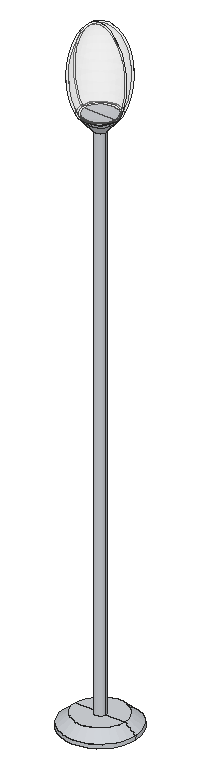
Revit family
Parameters (values of type "Height 1780")
  Wattage Comments = "23"
  Wattage = 9.2903 W
  built-in parameter 1150110 = 1 (stored number, unit not read)
  built-in parameter 1114217 = 1 (stored number, unit not read)
  built-in parameter 1150109 = 1 (stored number, unit not read)
  built-in parameter 1150134 = 3
  built-in parameter 1150113 = 1 (stored number, unit not read)
  Material = none
  Manufacturer = "Revit"
  built-in parameter 1150105 = 109.82 (stored number, unit not read)
  Lumens = 1380 lm
  built-in parameter 1150115 = 1 (stored number, unit not read)
  Light Source Symbol Size = 609.6 mm
  built-in parameter 1150137 = (empty or 0)
  built-in parameter 1150139 = (empty or 0)
  built-in parameter 1150112 = 1 (stored number, unit not read)
  built-in parameter 1150114 = 1 (stored number, unit not read)
  Lamp = "Halogen"
  Keynote = "V"
  built-in parameter 1150132 = 2
  built-in parameter 1150102 = (empty or 0)
  built-in parameter 1150107 = 3200 (stored number, unit not read)
  built-in parameter 1150138 = (empty or 0)
  built-in parameter 1150106 = 1.0982 (stored number, unit not read)
  Height = 1780 mm
  built-in parameter 1150104 = 13.8 (stored number, unit not read)
  Dimming Lamp Color Temperature Shift = (empty or 0)
  Description = "Floor Lamp"
  Color Filter = 16777215
  built-in parameter 1114218 = 1 (stored number, unit not read)
  built-in parameter 1150133 = 10 (stored number, unit not read)
  Assembly Code = "D5020220"
Types (4, lengths in mm): name | Height
  (no name) | 1780
  Height 1340 | 1340
  Height 1780 | 1780
  Height 1970 | 1970
Reference planes
  plane 1 "Light Source Axis (F/B)": y = 0
  plane 2: z = 0
  plane 3 "Light Source Axis (L/R)": x = 0
  plane 4 "Light Source Elevation": z = 1645
  plane 5: z = 1510
  plane 6: z = 1780
Forms (mm)
  Revolve 1, solid, material "Glass - White, Frosted"
    sketch origin (0, 0, 960) x (1, 0, 0) y (0, 0, 1)
      loop
        spline (0, 819.996) -> (-14.797, 817.413) -> (-29.028, 809.761) -> (-42.147, 797.334) -> (-53.654, 780.608) -> (-63.107, 760.223) -> (-70.145, 736.958) -> (-74.498, 711.704) -> (-76, 685.428) -> (-74.593, 659.136) -> (-70.331, 633.833) -> (-63.377, 610.489) -> (-53.998, 589.996)
        line (-53.998, 589.996) -> (-47.784, 589.996)
        spline (-47.784, 589.996) -> (-56.961, 609.434) -> (-63.886, 631.86) -> (-68.284, 656.387) -> (-69.982, 682.045) -> (-68.913, 707.821) -> (-65.118, 732.693) -> (-58.749, 755.68) -> (-50.056, 775.871) -> (-39.384, 792.468) -> (-27.154, 804.816) -> (-13.851, 812.426) -> (0, 814.996)
        line (0, 814.996) -> (0, 819.996)
      axis (0, 819.996) -> (0, 589.996)
    angle from 0 to 360
  Revolve 2, solid, material <- "Material"
    sketch origin (0, 0, 960) x (1, 0, 0) y (0, 0, 1)
      loop
        line (0, 589.996) -> (-42.852, 589.996) -> (-42.852, 583.636)
        arc (-42.852, 583.636) -> (-42.249, 580.216) -> (-40.513, 577.208) r 10
        line (-40.513, 577.208) -> (-17.683, 550) -> (-14.891, 550) -> (-14.891, -925) -> (-70, -925) -> (-100, -950) -> (-100, -960) -> (0, -960) -> (0, 589.996)
      axis (0, 589.996) -> (0, -960)
    angle from 0 to 360
Lines and regions (mm)
  symbolic lines
    curve 1: circle (0, 0, 0) r 100 normal (0, 0, 1)
    curve 2: circle (0, 0, 0) r 76 normal (0, 0, 1)
Dimensions and locks
  equal spacing: plane 6, plane 4 "Light Source Elevation", plane 5
  locked: plane 6 to plane 5 at 270
  "Height": plane 6 to plane 2
  locked: Revolve 2 sketch curve to Revolve 2 sketch curve at 39.996
  locked: Revolve 2 sketch curve to Revolve 2 sketch curve at 35
  locked: Revolve 2 sketch curve to Revolve 2 sketch curve at 10
  aligned and locked: Revolve 1 to Revolve 2
  aligned and locked: plane 3 "Light Source Axis (L/R)" to imposter light
  aligned and locked: plane 1 "Light Source Axis (F/B)" to imposter light
  aligned and locked: plane 4 "Light Source Elevation" to imposter light
Automatic sketch dimensions
  Revolve 1 sketch curve to plane 3 "Light Source Axis (L/R)" = 0 mm  (x2)
  Revolve 1 sketch curve to plane 3 "Light Source Axis (L/R)" = 47.784 mm
  Revolve 1 sketch curve to Revolve 1 sketch curve = 6.214 mm
  plane 5 to Revolve 1 sketch curve = 675.021 mm
  Revolve 1 sketch curve to plane 5 = 39.996 mm
  plane 4 "Light Source Elevation" to Revolve 1 sketch curve = 0.004 mm
  Revolve 1 sketch curve to Revolve 1 sketch curve = 0 mm
  plane 6 to Revolve 1 sketch curve = 5.004 mm
  plane 6 to Revolve 1 sketch curve = 0.004 mm
  Revolve 1 sketch curve to plane 6 = 1029.301 mm
  curve 1 to curve 2 = 0 mm  (x2)
  curve 2 to plane 1 "Light Source Axis (F/B)" = 0 mm
  curve 2 to plane 3 "Light Source Axis (L/R)" = 0 mm
  Revolve 2 sketch curve to plane 5 = 0 mm
  Revolve 2 sketch curve to plane 3 "Light Source Axis (L/R)" = 0 mm  (x2)
  Revolve 2 sketch curve to level = 0 mm
  Revolve 2 sketch curve to Revolve 2 sketch curve = 2.792 mm
  Revolve 2 sketch curve to plane 3 "Light Source Axis (L/R)" = 32.852 mm
  Revolve 2 sketch curve to Revolve 2 sketch curve = 7.66 mm
  Revolve 2 sketch curve to Revolve 2 sketch curve = 2.34 mm
  Revolve 2 sketch curve to Revolve 2 sketch curve = 55.109 mm
  Revolve 2 sketch curve to Revolve 2 sketch curve = 30 mm
  plane 5 to Revolve 2 sketch curve = 675.021 mm
  Revolve 2 sketch curve to Revolve 2 sketch curve = 6.36 mm
  Revolve 2 sketch curve to plane 6 = 1029.301 mm
  Revolve 2 sketch curve to plane 3 "Light Source Axis (L/R)" = 70 mm
  radius of curve 1 = 100 mm
  radius of curve 2 = 76 mm
